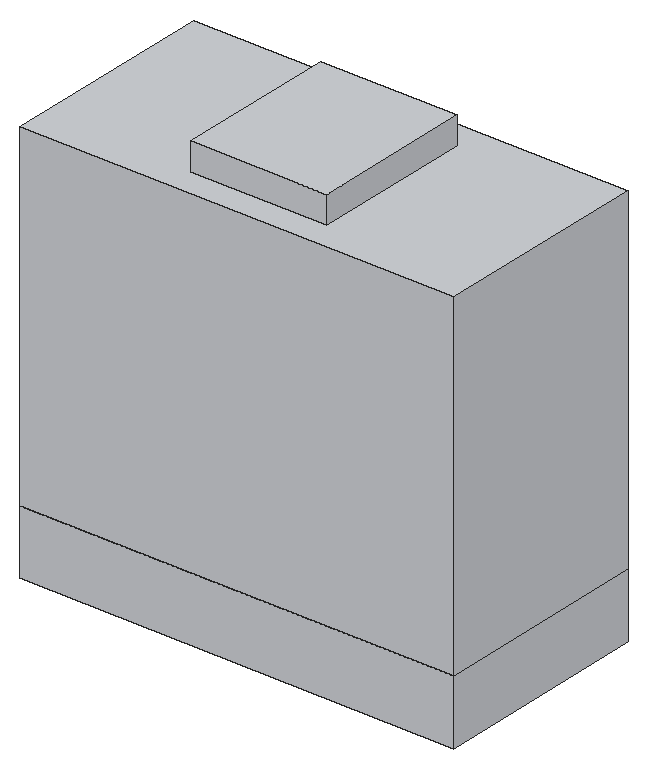
Revit family "Caixa de Mixagem AHU - HDT", category Equipamento mecânico, Revit 2019
Family settings
  Cota do conector redondo = Utilizar diâmetro
  Tipo de parte = Normal
  ID de item do Seek = AHU Mixing Box - Economizer-0000-CAN-ENU
  Com base no plano de trabalho = Não
  Sempre na vertical = Sim
  Corte com vazios quando carregada = Não
  Compartilhado = Não
  Ponto de cálculo do ambiente = Não
Parameters (values of type "Padrão")
  Largura de saída do ar de fornecimento = 800 mm
  Altura de saída do ar de fornecimento = 625 mm
  Fluxo de saída do ar de fornecimento [instance] = 849.0 L/s
  Largura da saída do ar de retorno = 250 mm
  Altura da saída do ar de retorno = 300 mm
  Fluxo da saída do ar de retorno [instance] = 680.0 L/s
  Largura da entrada de ar fresco = 500 mm
  Altura da entrada de ar fresco = 500 mm
  Fluxo da entrada de ar fresco [instance] = 170.0 L/s
  Largura da caixa de mistura = Altura da saída do ar de retorno + 100 mm  # 400 mm
  Material da caixa de mistura = none
  Comprimento da caixa de mistura = 800 mm
  Altura da caixa de mistura = 745 mm
  Material base = none
  Altura base = 120 mm
  Queda de pressão do ar [instance] = 187.0 Pa
Reference planes
  plane 1 "Parte frontal": y = 0
  plane 2 "Inferior": z = 0
  plane 3 "Centro (direita/esquerda)": x = 0
  plane 4 "Parte posterior": y = 400
  plane 5 "Esquerda": x = -400
  plane 6 "Direita": x = 400
  plane 7 "Superior": z = 745
  plane 8: y = 350
  plane 9: x = -125
  plane 10: x = 125
  plane 11: y = 50
  plane 12: z = 795.8
  plane 13 "Base": z = 120
  plane 14 "Centro (Frente/Trás)": y = 200
Forms (mm)
  Extrusion 1, solid, material <- "Material da caixa de mistura"
    sketch origin (0, 0, 0) x (1, 0, 0) y (0, 1, 0)
      loop
        line (-400, 400) -> (-400, 0) -> (400, 0) -> (400, 400) -> (-400, 400)
    from 120 to 745
  Extrusion 2, solid, material <- "Material da caixa de mistura"
    sketch origin (0, 0, 0) x (1, 0, 0) y (0, 1, 0)
      loop
        line (-125, 350) -> (-125, 50) -> (125, 50) -> (125, 350) -> (-125, 350)
    from 745 to 795.8
  Extrusion 3, solid, material <- "Material base"
    sketch origin (0, 0, 0) x (1, 0, 0) y (0, 1, 0)
      loop
        line (-400, 400) -> (-400, 0) -> (400, 0) -> (400, 400) -> (-400, 400)
    from 0 to 120
Cuts and joins
  joined: Extrusion 1, Extrusion 2
Dimensions and locks
  equal spacing: plane 5 "Esquerda", plane 3 "Centro (direita/esquerda)", plane 6 "Direita"
  "Comprimento da caixa de mistura": plane 5 "Esquerda" to plane 6 "Direita"
  "Largura da caixa de mistura": plane 1 "Parte frontal" to plane 4 "Parte posterior"
  "Altura da caixa de mistura": plane 7 "Superior" to plane 2 "Inferior"
  equal spacing: plane 9, plane 3 "Centro (direita/esquerda)", plane 10
  "Largura da saída do ar de retorno": plane 9 to plane 10
  "Altura da saída do ar de retorno": plane 8 to plane 11
  locked: plane 12 to plane 7 "Superior" at 50.8
  "Altura base": plane 13 "Base" to plane 2 "Inferior"
  locked: plane 11 to plane 1 "Parte frontal" at 50
  equal spacing: plane 4 "Parte posterior", plane 14 "Centro (Frente/Trás)", plane 1 "Parte frontal"
  aligned and locked: plane 5 "Esquerda" to Extrusion 1 sketch curve
  aligned and locked: Extrusion 1 sketch curve to plane 4 "Parte posterior"
  aligned and locked: plane 1 "Parte frontal" to Extrusion 1 sketch curve
  aligned and locked: Extrusion 1 sketch curve to plane 6 "Direita"
  aligned and locked: plane 7 "Superior" to Extrusion 1
  aligned and locked: plane 9 to Extrusion 2 sketch curve
  aligned and locked: Extrusion 2 sketch curve to plane 8
  aligned and locked: plane 11 to Extrusion 2 sketch curve
  aligned and locked: Extrusion 2 sketch curve to plane 10
  aligned and locked: plane 12 to Extrusion 2
  aligned and locked: Extrusion 2 to plane 7 "Superior"
  aligned and locked: plane 13 "Base" to Extrusion 3
  aligned and locked: Extrusion 3 to plane 2 "Inferior"
  aligned and locked: cut or joined group of Extrusion 1, Extrusion 2 to plane 13 "Base"
Automatic sketch dimensions
  plane 1 "Parte frontal" to Extrusion 3 sketch curve = 0 mm
  Extrusion 3 sketch curve to plane 5 "Esquerda" = 0 mm
  Extrusion 3 sketch curve to plane 6 "Direita" = 0 mm
  Extrusion 3 sketch curve to plane 4 "Parte posterior" = 0 mm
Connectors
  hvac at (0, 200, 795.8), driven by "Altura da saída do ar de retorno", driven by "Largura da saída do ar de retorno", driven by "Fluxo da entrada de ar fresco"
    settings: on cut or joined group of Extrusion 1, Extrusion 2, index 3, duct flow 170.0 L/s, flow factor 0, pres drop 0.0 Pa, loss coef 0, conn angle 0.00°, conn width 250 mm, conn height 300 mm, conn diameter 609.6 mm, duct sys type 2, conn prof type 1, flow config 0, flow direction 1, loss method 0, conn ref index -1, conn util no, is conn primary yes, conn desc "Entrada de retorno de ar"
  hvac at (0, 0, 432.5), driven by "Queda de pressão do ar", driven by "Fluxo de saída do ar de fornecimento", driven by "Altura de saída do ar de fornecimento", driven by "Largura de saída do ar de fornecimento"
    settings: on cut or joined group of Extrusion 1, Extrusion 2, index 5, duct flow 849.0 L/s, flow factor 0, pres drop 187.0 Pa, loss coef 0, conn angle 0.00°, conn width 800 mm, conn height 625 mm, conn diameter 609.6 mm, duct sys type 1, conn prof type 1, flow config 0, flow direction 2, loss method 4, conn ref index 6, conn util no, is conn primary no, conn desc "Saída de suprimento de ar"
  hvac at (0, 400, 432.5), driven by "Fluxo da entrada de ar fresco", driven by "Altura da entrada de ar fresco", driven by "Largura da entrada de ar fresco"
    settings: on cut or joined group of Extrusion 1, Extrusion 2, index 6, duct flow 170.0 L/s, flow factor 0, pres drop 0.0 Pa, loss coef 0, conn angle 0.00°, conn width 500 mm, conn height 500 mm, conn diameter 609.6 mm, duct sys type 2, conn prof type 1, flow config 0, flow direction 1, loss method 0, conn ref index 5, conn util no, is conn primary no, conn desc "Entrada de ar fresco"
Types in the file's own list only (18): name | Largura de saída do ar de fornecimento | Altura de saída do ar de fornecimento | Largura da saída do ar de retorno | Altura da saída do ar de retorno | Largura da entrada de ar fresco | Altura da entrada de ar fresco | Largura da caixa de mistura | Comprimento da caixa de mistura | Altura da caixa de mistura
  Para 0.24 metros quadrados de serpentina | 800 mm | 625 mm | 700 mm | 350 mm | 700 mm | 350 mm | 450 mm | 800 mm | 745 mm
  Para 0.31 metros quadrados de serpentina | 975 mm | 625 mm | 875 mm | 350 mm | 875 mm | 350 mm | 450 mm | 975 mm | 745 mm
  Para 0.47 metros quadrados de serpentina | 1325 mm | 625 mm | 1225 mm | 350 mm | 1225 mm | 350 mm | 450 mm | 1325 mm | 745 mm
  Para 0.67 metros quadrados de serpentina | 1325 mm | 800 mm | 1225 mm | 350 mm | 1225 mm | 350 mm | 450 mm | 1325 mm | 920 mm
  Para 0.78 metros quadrados de serpentina | 1500 mm | 800 mm | 1400 mm | 350 mm | 1400 mm | 350 mm | 450 mm | 1500 mm | 920 mm
  Para 0.98 metros quadrados de serpentina | 1500 mm | 975 mm | 1400 mm | 525 mm | 1400 mm | 525 mm | 625 mm | 1500 mm | 1095 mm
  Para 1.13 metros quadrados de serpentina | 1675 mm | 975 mm | 1575 mm | 525 mm | 1575 mm | 525 mm | 625 mm | 1675 mm | 1095 mm
  Para 1.57 metros quadrados de serpentina | 1850 mm | 1150 mm | 1575 mm | 700 mm | 1575 mm | 700 mm | 800 mm | 1850 mm | 1270 mm
  Para 1.88 metros quadrados de serpentina | 1675 mm | 1500 mm | 1750 mm | 525 mm | 1750 mm | 525 mm | 625 mm | 1675 mm | 1620 mm
  Para 2.12 metros quadrados de serpentina | 1850 mm | 1500 mm | 1750 mm | 700 mm | 1750 mm | 700 mm | 800 mm | 1850 mm | 1620 mm
  Para 2.44 metros quadrados de serpentina | 2025 mm | 1675 mm | 1925 mm | 875 mm | 1925 mm | 875 mm | 975 mm | 2025 mm | 1795 mm
  Para 2.88 metros quadrados de serpentina | 2025 mm | 1850 mm | 1925 mm | 875 mm | 1925 mm | 875 mm | 975 mm | 2025 mm | 1970 mm
  Para 3.17 metros quadrados de serpentina | 2200 mm | 1850 mm | 2100 mm | 875 mm | 2100 mm | 875 mm | 975 mm | 2200 mm | 1970 mm
  Para 3.46 metros quadrados de serpentina | 2375 mm | 1850 mm | 2275 mm | 875 mm | 2275 mm | 875 mm | 975 mm | 2375 mm | 1970 mm
  Para 3.86 metros quadrados de serpentina | 2375 mm | 2025 mm | 2275 mm | 1050 mm | 2275 mm | 1050 mm | 1150 mm | 2375 mm | 2145 mm
  Para 4.19 metros quadrados de serpentina | 2375 mm | 2200 mm | 2275 mm | 1050 mm | 2275 mm | 1050 mm | 1150 mm | 2375 mm | 2320 mm
  Para 5.25 metros quadrados de serpentina | 2900 mm | 2200 mm | 2800 mm | 1050 mm | 2800 mm | 1050 mm | 1150 mm | 2900 mm | 2320 mm
  Para 6.16 metros quadrados de serpentina | 2900 mm | 2550 mm | 2800 mm | 1225 mm | 2800 mm | 1225 mm | 1325 mm | 2900 mm | 2670 mm
